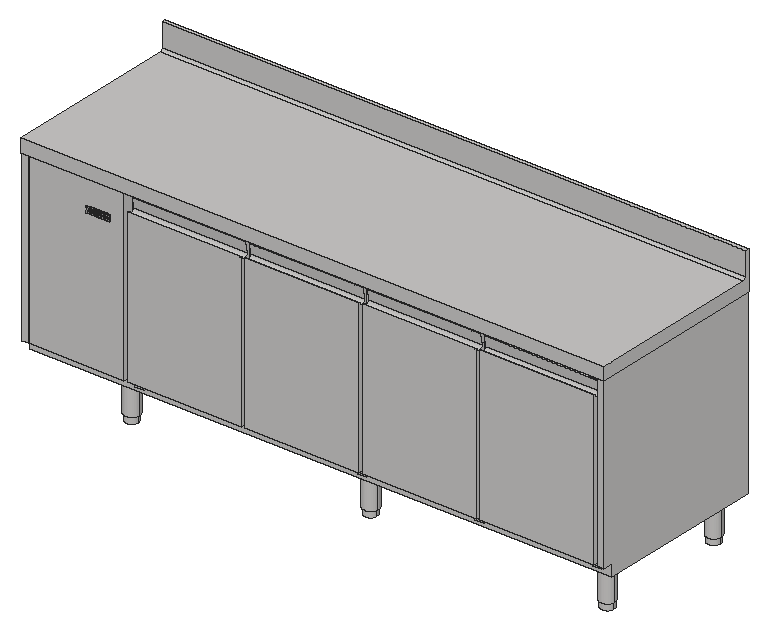
Revit family "QF_ZANUSSI_111054_ZH4H3AAAA", category Specialty Equipment, Revit 2018
Family settings
  Round Connector Dimension = Use Diameter
  Part Type = Normal
  Work Plane-Based = No
  Always vertical = Yes
  Cut with Voids When Loaded = No
  Shared = No
  Room Calculation Point = No
Parameters
  Weight = 0.00 kg
  Watts = 0.0232258 W
  Volts = 220 V
  URL Manufacturer = "http://www.zanussiprofessional.com/"
  URL = "http://www.zanussiprofessional.com/"
  Steam Supply Size = 0 mm
  Steam Supply Minimum Pressure = 0.0 Pa
  Steam Supply Maximum Pressure = 0.0 Pa
  Steam Pounds per Hour = 0
  Show Logo [instance] = yes
  Show Clearance [instance] = yes
  Refrigeration Suction Line Size = 0 mm
  Refrigeration Liquid Line Size = 0 mm
  Refrigerant Compressor Remote = yes
  Manufacturer = "Zanussi"
  Phase = 1
  Model = "ZH4H3AAAA"
  Length Actual = 2253 mm  # constant formula
  Item Number = "111054"
  Hot Water Size = 0 mm
  Height Actual = 1000 mm  # constant formula
  HP = "0.3 HP"
  Gas Size = 0 mm
  Gas KW = 0
  Gas Input Pressure = 0 W
  Description = "4 DOORS REFRIGER.TABLE 590L-SPLASHB"
  Depth Actual = 700 mm  # constant formula
  Cycle = 50 Hz
  Condensate Return Size = 0 mm
  Compressed Air Volume = 0.0 L/s
  Compressed Air Size = 0 mm
  Compressed Air Pressure = 0.0 Pa
  Cold Water Size = 0 mm
  Accessory = yes
Reference planes
  plane 1 "Center X": y = 182.5
  plane 2: z = 0
  plane 3 "Center Y": x = -580.5
  plane 4: y = -62.5
  plane 5: y = 451.5
  plane 6 "BACK": y = 532.5
  plane 7 "FRONT": y = -167.5
  plane 8: x = -1360
  plane 9: x = 478
  plane 10: z = 150
  plane 11 "TOP": z = 900
  plane 12: z = 850
  plane 13 "LEFT": x = -1705
  plane 14 "RIGHT": x = 544
  plane 15: x = -437
  plane 16: x = -1707
  plane 17: x = 546
Forms (mm)
  Extrusion 1, solid, material "QF_Finishes_Stainless Steel"
    sketch origin (-580.5, 2, 0) x (0, 1, 0) y (0, 0, 1)
      loop
        line (530.5, 150) -> (530.5, 850) -> (-124.5, 850) -> (-124.5, 150) -> (530.5, 150)
    from -1124.5 to 1124.5
  Extrusion 2, solid, material "QF_Finishes_Stainless Steel"
    sketch origin (-1022.223, -1524, 150) x (-1, 0, 0) y (0, -1, 0)
      loop
        line (682.777, -1361.5) -> (657.777, -1361.5) -> (657.777, -1401.5) -> (682.777, -1401.5) -> (682.777, -1361.5)
      loop
        line (-1566.223, -1401.5) -> (-1541.223, -1401.5) -> (-1541.223, -1361.5) -> (-1566.223, -1361.5) -> (-1566.223, -1401.5)
    from 47 to 700
  Extrusion 3, solid, material "QF_Finishes_Stainless Steel"
    sketch origin (0, 0, 900) x (-1, 0, 0) y (0, -1, 0)
      loop
        circle (-57, -94.5) r 8.45
      loop
        circle (851, -94.5) r 8.45
    from -790.577 to -750
  Extrusion 4, solid, material "QF_Finishes_Stainless Steel"
    sketch origin (0, 0, 0) x (1, 0, 0) y (0, 1, 0)
      loop
        circle (-1621, 451.5) r 4
    from 109.423 to 150
  Extrusion 5, solid, material "QF_Finishes_Stainless Steel"
    sketch origin (-126.5, 0, 0) x (0, 1, 0) y (0, 0, 1)
      loop
        line (-167.5, 900) -> (-167.5, 850) -> (532.5, 850) -> (532.5, 1000) -> (519.5, 1000) -> (519.5, 910)
        arc (519.5, 910) -> (516.571, 902.929) -> (509.5, 900) r 10
        line (509.5, 900) -> (-167.5, 900)
    from 672.5 to -1580.5
Cuts and joins
  joined: Extrusion 1, Extrusion 2
Lines and regions (mm)
  symbolic lines, style "SpecialityEquipmentHiddenLines"
    curve 1: line (-1707, -122.5, 900) -> (546, -122.5, 900)
    curve 2: line (-1304, -167.5, 900) -> (-1304, -122.5, 900)
  symbolic lines, style "SpecialityEquipment"
    curve 3: line (-1707, 532.5, 900) -> (546, 532.5, 900)
    curve 4: line (-1707, 532.5, 900) -> (-1707, -167.5, 900)
    curve 5: line (-1707, -167.5, 900) -> (546, -167.5, 900)
    curve 6: line (546, -167.5, 900) -> (546, 532.5, 900)
    curve 7: line (-1707, 519.5, 900) -> (546, 519.5, 900)
Dimensions and locks
  locked: plane 6 "BACK" to plane 7 "FRONT" at 700
  equal spacing: plane 6 "BACK", plane 1 "Center X", plane 7 "FRONT"
  locked: plane 6 "BACK" to plane 5 at 81
  plane 10 to level = 150 mm
  plane 11 "TOP" to plane 12 to plane 10 = 50 mm locked, 700 mm locked
  locked: Extrusion 2 sketch curve to Extrusion 2 sketch curve at 25  (x2)
  locked: plane 4 to plane 7 "FRONT" at 105
  locked: plane 6 "BACK" to Extrusion 3 sketch curve at 438  (x2)
  equal spacing: plane 13 "LEFT", plane 3 "Center Y", plane 14 "RIGHT"
  plane 16 to plane 17 = 2253 mm
  locked: plane 13 "LEFT" to plane 8 at 345
  plane 15 to plane 9 to plane 14 "RIGHT" = 915 mm locked, 66 mm locked
  Extrusion 3 sketch curve to Extrusion 3 sketch curve to plane 14 "RIGHT" = 908 mm locked, 487 mm locked
  plane 13 "LEFT" to Extrusion 4 sketch curve = 84 mm
  locked: plane 6 "BACK" to Extrusion 4 sketch curve at 81
  locked: plane 10 to Extrusion 4 at 40.577
  aligned and locked: level to plane 2
  aligned and locked: plane 10 to Extrusion 3
  aligned and locked: nested 4 to plane 4
  aligned and locked: nested 1 to plane 4
  aligned and locked: nested 3 to plane 5
  aligned and locked: nested 2 to plane 5
  aligned and locked: plane 8 to nested 1
  aligned and locked: plane 8 to nested 2
  aligned and locked: plane 9 to nested 4
  aligned and locked: plane 9 to nested 3
  aligned and locked: Extrusion 1 to Extrusion 2
  aligned and locked: Extrusion 2 to Extrusion 1
  aligned and locked: Extrusion 2 sketch curve to plane 14 "RIGHT"
  aligned and locked: plane 13 "LEFT" to Extrusion 2 sketch curve
  aligned and locked: cut or joined group of Extrusion 1, Extrusion 2 to plane 10
  aligned and locked: plane 12 to cut or joined group of Extrusion 1, Extrusion 2
  aligned and locked: plane 10 to Extrusion 4
  aligned and locked: plane 15 to nested 11
  aligned and locked: plane 15 to nested 12
Automatic sketch dimensions
  plane 7 "FRONT" to Extrusion 2 sketch curve = 45 mm  (x2)
  plane 7 "FRONT" to Extrusion 2 sketch curve = 5 mm  (x2)
  Extrusion 1 sketch curve to plane 10 = 0 mm
  Extrusion 1 sketch curve to plane 12 = 0 mm
  Extrusion 1 sketch curve to plane 6 "BACK" = 0 mm
  plane 7 "FRONT" to Extrusion 1 sketch curve = 45 mm
  Extrusion 5 sketch curve to plane 7 "FRONT" = 0 mm
  Extrusion 5 sketch curve to plane 11 "TOP" = 0 mm
  Extrusion 5 sketch curve to plane 6 "BACK" = 0 mm
  Extrusion 5 sketch curve to plane 12 = 0 mm
  plane 11 "TOP" to Extrusion 5 sketch curve = 10 mm
  Extrusion 5 sketch curve to plane 6 "BACK" = 23 mm
  Extrusion 5 sketch curve to Extrusion 5 sketch curve = 90 mm
  curve 7 to plane 17 = 0 mm
  curve 2 to plane 7 "FRONT" = 0 mm
  curve 5 to plane 16 = 0 mm
  curve 3 to plane 6 "BACK" = 0 mm
  plane 8 to curve 2 = 56 mm
  curve 3 to curve 7 = 13 mm
  plane 7 "FRONT" to curve 1 = 45 mm
  radius of Extrusion 3 sketch curve = 8.45 mm  (x2)
  radius of Extrusion 4 sketch curve = 4 mm
Nested families
  nested 1: "Foot_Ø50_H150" at (-1360, -62.5, 0), type "Foot_Ø50_H150"
  nested 2: "Foot_Ø50_H150" at (-1360, 451.5, 0), type "Foot_Ø50_H150"
  nested 3: "Foot_Ø50_H150" at (478, 451.5, 0), type "Foot_Ø50_H150"
  nested 4: "Foot_Ø50_H150" at (478, -62.5, 0), type "Foot_Ø50_H150"
  nested 5: "Door" at (285, -164.5, 0), Show Clearance <- "Show Clearance", type "Door"
  nested 6: "Door" at (-169, -164.5, 0), Show Clearance <- "Show Clearance", type "Door"
  nested 7: "Refrigerator" at (544, -167.5, 900), type "Refrigerator"
  nested 8: "ZAN_Cooling Unit" at (-1495.5, -164.5, 0), Show Logo <- "Show Logo", type "ZAN_Cooling Unit"
  nested 9: "Door" at (-623, -164.5, 0), Show Clearance <- "Show Clearance", type "Door"
  nested 10: "Door" at (-1077, -164.5, 0) x (-1, 0, 0) z (0, 0, 1), Show Clearance <- "Show Clearance", type "Door"
  nested 11: "Foot_Ø50_H150" at (-437, -62.5, 0), type "Foot_Ø50_H150"
  nested 12: "Foot_Ø50_H150" at (-437, 451.5, 0), type "Foot_Ø50_H150"
Connectors
  electrical at (-1621, 451.5, 109.423), driven by "Volts"
    settings: on Extrusion 4, index 4, voltage 220 V, apparent load 0 VA, apparent load phase1 0 VA, apparent load phase2 0 VA, apparent load phase3 0 VA, power factor 1, load classification "Altro", number of poles 1, system type 30, power factor state 1, is connector primary yes, connector utility no, sub classification motor no, connector description "Electrical Connection"
  piping at (57, 94.5, 109.423), diameter 17
    settings: on Extrusion 3, index 5, connector inside diameter 609.6 mm, connector length 0 mm, flow factor 0, pipe flow 0.0 L/s, pressure drop 0.0 Pa, fitting loss kfactor 0, connector angle 0.00°, fixture units 0, engagement length 0 mm, angle of deflection 0.00°, flow configuration 1, flow direction 2, fitting loss method 0, system type 16, joint type 0, gender type 0, connector reference index -1, connector utility 0, adjustable connector no, is connector primary yes, connector description "Drain"
  piping at (-851, 94.5, 109.423), diameter 17
    settings: on Extrusion 3, index 6, connector inside diameter 609.6 mm, connector length 0 mm, flow factor 0, pipe flow 0.0 L/s, pressure drop 0.0 Pa, fitting loss kfactor 0, connector angle 0.00°, fixture units 0, engagement length 0 mm, angle of deflection 0.00°, flow configuration 1, flow direction 2, fitting loss method 0, system type 16, joint type 0, gender type 0, connector reference index -1, connector utility 0, adjustable connector no, is connector primary no, connector description "Drain"
Definition of nested family "Foot_Ø50_H150"
  Reference planes
    plane 1 "Centro (Fronte/Retro)": y = 0
    plane 2: z = 0
    plane 3 "Centro (Sinistra/Destra)": x = 0
    plane 4: z = 150
  Forms (mm)
    Revolve 1, solid
      sketch origin (255.05, 0, 608.09) x (0, 0, 1) y (-1, 0, 0)
        loop
          line (-608.09, 255.05) -> (-608.09, 230.05) -> (-583.09, 230.05) -> (-583.09, 226.05) -> (-458.09, 226.05) -> (-458.09, 255.05) -> (-608.09, 255.05)
        axis (-608.09, 255.05) -> (-458.09, 255.05)
      angle from 0 to 360
  Dimensions and locks
    locked: Revolve 1 sketch curve to Revolve 1 sketch curve at 125
    aligned and locked: level to plane 2
    aligned and locked: plane 4 to Revolve 1 sketch curve
    aligned and locked: Revolve 1 sketch curve to level
    aligned and locked: plane 3 "Centro (Sinistra/Destra)" to Revolve 1 sketch curve
Definition of nested family "Door"
  Parameters
    Show Clearance [instance] = yes
  Reference planes
    plane 1 "FRONT": y = -3
    plane 2: z = 0
    plane 3 "Centro (Sinistra/Destra)": x = 0
    plane 4: z = 150
    plane 5: z = 850
    plane 6: x = -234
    plane 7: x = 234
    plane 8: x = -220
    plane 9: x = 220
  Forms (mm)
    Extrusion 1, solid
      sketch origin (0, 53, 511) x (0, 0, 1) y (0, -1, 0)
        loop
          line (-323.003, 28.5) -> (-316.501, 28.5) -> (-316.501, 31) -> (-325.503, 31) -> (-325.503, 13.5) -> (-345.503, 13.5) -> (-345.503, 11) -> (-323.003, 11) -> (-323.003, 23.259) -> (-323.003, 28.5)
        loop
          line (-314, 27) -> (-316.501, 27) -> (-316.501, 18.501) -> (-319.752, 18.501) -> (-319.752, 16) -> (-314, 16) -> (-314, 27)
        loop
          line (315.003, 27) -> (315.003, 13.948) -> (315.003, 11) -> (327.503, 11) -> (327.503, 13.5) -> (317.503, 13.5) -> (317.503, 27) -> (315.003, 27)
      from 185 to 220
    Extrusion 2, solid, visible <- "Show Clearance", detail levels coarse
      sketch origin (0, 53, 511) x (0, -1, 0) y (1, 0, 0)
        loop
          line (51, 220) -> (51, -220)
          arc (51, -220) -> (339.234, -79.44) -> (454, 220) r 437.168
          line (454, 220) -> (51, 220)
      from -314 to 314
    Extrusion 3, solid
      sketch origin (0, 55, 511) x (0, 0, 1) y (0, -1, 0)
        loop
          line (314, 18) -> (314, 29) -> (274.395, 22.5)
          arc (274.395, 22.5) -> (260.395, 36.5) -> (274.395, 50.5) r 14
          line (274.395, 50.5) -> (274.395, 53) -> (-314, 53) -> (-314, 18) -> (314, 18)
      from -220 to 220
  Lines and regions (mm)
    symbolic lines
      curve 1: line (220, -3, 0) -> (220, -401, 0)
      curve 2: line (220, -401, 0) -> (185, -401, 0)
      curve 3: line (185, -401, 0) -> (185, -3, 0)
      curve 4: arc (-219.722, -3, 0) -> (-89.51, -275.368, 0) -> (185, -401, 0) r 442.855
  Dimensions and locks
    aligned and locked: level to plane 2
Definition of nested family "ZAN_Cooling Unit"
  Parameters
    Show Logo [instance] = yes
  Reference planes
    plane 1 "FRONT": y = -3
    plane 2: z = 0
    plane 3 "Centro (Sinistra/Destra)": x = 0
    plane 4: z = 150
    plane 5: z = 850
    plane 6: x = -184.5
    plane 7: x = 184.5
  Forms (mm)
    Extrusion 1, solid
      sketch origin (0, 55, 511) x (0, 0, 1) y (0, -1, 0)
        loop
          line (-314, 53) -> (-314, 13) -> (339, 13) -> (339, 53) -> (-314, 53)
      from -184.5 to 184.5
  Lines and regions (mm)
    Split face 1
      outline origin (0, 2, 197) x (0, 0, 1) y (-1, 0, 0)
        loop
          line (566.835, 184.5) -> (566.835, -184.5)
        loop
          line (521.835, 184.5) -> (521.835, -184.5)
    Split face 2
      outline origin (0, 2, 197) x (0, 0, 1) y (-1, 0, 0)
        loop
          arc (510.649, 158.547) -> (506.648, 162.548) -> (502.647, 158.547) r 4.001
          line (502.647, 158.547) -> (502.647, 116.535)
          arc (502.647, 116.535) -> (506.648, 112.533) -> (510.649, 116.535) r 4.001
          line (510.649, 116.535) -> (510.649, 158.547)
    Split face 3
      outline origin (0, 2, 184.996) x (0, 0, 1) y (-1, 0, 0)
        loop
          arc (510.649, 158.547) -> (506.648, 162.548) -> (502.647, 158.547) r 4.001
          line (502.647, 158.547) -> (502.647, 116.535)
          arc (502.647, 116.535) -> (506.648, 112.533) -> (510.649, 116.535) r 4.001
          line (510.649, 116.535) -> (510.649, 158.547)
    Split face 4
      outline origin (0, 2, 172.993) x (0, 0, 1) y (-1, 0, 0)
        loop
          arc (510.649, 158.547) -> (506.648, 162.548) -> (502.647, 158.547) r 4.001
          line (502.647, 158.547) -> (502.647, 116.535)
          arc (502.647, 116.535) -> (506.648, 112.533) -> (510.649, 116.535) r 4.001
          line (510.649, 116.535) -> (510.649, 158.547)
    Split face 5
      outline origin (0, 2, 160.989) x (0, 0, 1) y (-1, 0, 0)
        loop
          arc (510.649, 158.547) -> (506.648, 162.548) -> (502.647, 158.547) r 4.001
          line (502.647, 158.547) -> (502.647, 116.535)
          arc (502.647, 116.535) -> (506.648, 112.533) -> (510.649, 116.535) r 4.001
          line (510.649, 116.535) -> (510.649, 158.547)
    Split face 6
      outline origin (0, 2, 148.986) x (0, 0, 1) y (-1, 0, 0)
        loop
          arc (510.649, 158.547) -> (506.648, 162.548) -> (502.647, 158.547) r 4.001
          line (502.647, 158.547) -> (502.647, 116.535)
          arc (502.647, 116.535) -> (506.648, 112.533) -> (510.649, 116.535) r 4.001
          line (510.649, 116.535) -> (510.649, 158.547)
    Split face 7
      outline origin (0, 2, 136.982) x (0, 0, 1) y (-1, 0, 0)
        loop
          arc (510.649, 158.547) -> (506.648, 162.548) -> (502.647, 158.547) r 4.001
          line (502.647, 158.547) -> (502.647, 116.535)
          arc (502.647, 116.535) -> (506.648, 112.533) -> (510.649, 116.535) r 4.001
          line (510.649, 116.535) -> (510.649, 158.547)
    Split face 8
      outline origin (0, 2, 124.979) x (0, 0, 1) y (-1, 0, 0)
        loop
          arc (510.649, 158.547) -> (506.648, 162.548) -> (502.647, 158.547) r 4.001
          line (502.647, 158.547) -> (502.647, 116.535)
          arc (502.647, 116.535) -> (506.648, 112.533) -> (510.649, 116.535) r 4.001
          line (510.649, 116.535) -> (510.649, 158.547)
    Split face 9
      outline origin (0, 2, 112.975) x (0, 0, 1) y (-1, 0, 0)
        loop
          arc (510.649, 158.547) -> (506.648, 162.548) -> (502.647, 158.547) r 4.001
          line (502.647, 158.547) -> (502.647, 116.535)
          arc (502.647, 116.535) -> (506.648, 112.533) -> (510.649, 116.535) r 4.001
          line (510.649, 116.535) -> (510.649, 158.547)
    Split face 10
      outline origin (0, 2, 100.972) x (0, 0, 1) y (-1, 0, 0)
        loop
          arc (510.649, 158.547) -> (506.648, 162.548) -> (502.647, 158.547) r 4.001
          line (502.647, 158.547) -> (502.647, 116.535)
          arc (502.647, 116.535) -> (506.648, 112.533) -> (510.649, 116.535) r 4.001
          line (510.649, 116.535) -> (510.649, 158.547)
    Split face 11
      outline origin (0, 2, 88.968) x (0, 0, 1) y (-1, 0, 0)
        loop
          arc (510.649, 158.547) -> (506.648, 162.548) -> (502.647, 158.547) r 4.001
          line (502.647, 158.547) -> (502.647, 116.535)
          arc (502.647, 116.535) -> (506.648, 112.533) -> (510.649, 116.535) r 4.001
          line (510.649, 116.535) -> (510.649, 158.547)
    Split face 12
      outline origin (0, 2, 76.965) x (0, 0, 1) y (-1, 0, 0)
        loop
          arc (510.649, 158.547) -> (506.648, 162.548) -> (502.647, 158.547) r 4.001
          line (502.647, 158.547) -> (502.647, 116.535)
          arc (502.647, 116.535) -> (506.648, 112.533) -> (510.649, 116.535) r 4.001
          line (510.649, 116.535) -> (510.649, 158.547)
    Split face 13
      outline origin (0, 2, 64.961) x (0, 0, 1) y (-1, 0, 0)
        loop
          arc (510.649, 158.547) -> (506.648, 162.548) -> (502.647, 158.547) r 4.001
          line (502.647, 158.547) -> (502.647, 116.535)
          arc (502.647, 116.535) -> (506.648, 112.533) -> (510.649, 116.535) r 4.001
          line (510.649, 116.535) -> (510.649, 158.547)
    Split face 14
      outline origin (0, 2, 52.958) x (0, 0, 1) y (-1, 0, 0)
        loop
          arc (510.649, 158.547) -> (506.648, 162.548) -> (502.647, 158.547) r 4.001
          line (502.647, 158.547) -> (502.647, 116.535)
          arc (502.647, 116.535) -> (506.648, 112.533) -> (510.649, 116.535) r 4.001
          line (510.649, 116.535) -> (510.649, 158.547)
    Split face 15
      outline origin (0, 2, 40.954) x (0, 0, 1) y (-1, 0, 0)
        loop
          arc (510.649, 158.547) -> (506.648, 162.548) -> (502.647, 158.547) r 4.001
          line (502.647, 158.547) -> (502.647, 116.535)
          arc (502.647, 116.535) -> (506.648, 112.533) -> (510.649, 116.535) r 4.001
          line (510.649, 116.535) -> (510.649, 158.547)
    Split face 16
      outline origin (0, 2, 28.951) x (0, 0, 1) y (-1, 0, 0)
        loop
          arc (510.649, 158.547) -> (506.648, 162.548) -> (502.647, 158.547) r 4.001
          line (502.647, 158.547) -> (502.647, 116.535)
          arc (502.647, 116.535) -> (506.648, 112.533) -> (510.649, 116.535) r 4.001
          line (510.649, 116.535) -> (510.649, 158.547)
    Split face 17
      outline origin (0, 2, 16.947) x (0, 0, 1) y (-1, 0, 0)
        loop
          arc (510.649, 158.547) -> (506.648, 162.548) -> (502.647, 158.547) r 4.001
          line (502.647, 158.547) -> (502.647, 116.535)
          arc (502.647, 116.535) -> (506.648, 112.533) -> (510.649, 116.535) r 4.001
          line (510.649, 116.535) -> (510.649, 158.547)
    Split face 18
      outline origin (55.016, 2, 197) x (0, 0, 1) y (-1, 0, 0)
        loop
          arc (510.649, 158.547) -> (506.648, 162.548) -> (502.647, 158.547) r 4.001
          line (502.647, 158.547) -> (502.647, 116.535)
          arc (502.647, 116.535) -> (506.648, 112.533) -> (510.649, 116.535) r 4.001
          line (510.649, 116.535) -> (510.649, 158.547)
    Split face 19
      outline origin (55.016, 2, 184.996) x (0, 0, 1) y (-1, 0, 0)
        loop
          arc (510.649, 158.547) -> (506.648, 162.548) -> (502.647, 158.547) r 4.001
          line (502.647, 158.547) -> (502.647, 116.535)
          arc (502.647, 116.535) -> (506.648, 112.533) -> (510.649, 116.535) r 4.001
          line (510.649, 116.535) -> (510.649, 158.547)
    Split face 20
      outline origin (55.016, 2, 172.993) x (0, 0, 1) y (-1, 0, 0)
        loop
          arc (510.649, 158.547) -> (506.648, 162.548) -> (502.647, 158.547) r 4.001
          line (502.647, 158.547) -> (502.647, 116.535)
          arc (502.647, 116.535) -> (506.648, 112.533) -> (510.649, 116.535) r 4.001
          line (510.649, 116.535) -> (510.649, 158.547)
    Split face 21
      outline origin (55.016, 2, 160.989) x (0, 0, 1) y (-1, 0, 0)
        loop
          arc (510.649, 158.547) -> (506.648, 162.548) -> (502.647, 158.547) r 4.001
          line (502.647, 158.547) -> (502.647, 116.535)
          arc (502.647, 116.535) -> (506.648, 112.533) -> (510.649, 116.535) r 4.001
          line (510.649, 116.535) -> (510.649, 158.547)
    Split face 22
      outline origin (55.016, 2, 148.986) x (0, 0, 1) y (-1, 0, 0)
        loop
          arc (510.649, 158.547) -> (506.648, 162.548) -> (502.647, 158.547) r 4.001
          line (502.647, 158.547) -> (502.647, 116.535)
          arc (502.647, 116.535) -> (506.648, 112.533) -> (510.649, 116.535) r 4.001
          line (510.649, 116.535) -> (510.649, 158.547)
    Split face 23
      outline origin (55.016, 2, 136.982) x (0, 0, 1) y (-1, 0, 0)
        loop
          arc (510.649, 158.547) -> (506.648, 162.548) -> (502.647, 158.547) r 4.001
          line (502.647, 158.547) -> (502.647, 116.535)
          arc (502.647, 116.535) -> (506.648, 112.533) -> (510.649, 116.535) r 4.001
          line (510.649, 116.535) -> (510.649, 158.547)
    Split face 24
      outline origin (55.016, 2, 124.979) x (0, 0, 1) y (-1, 0, 0)
        loop
          arc (510.649, 158.547) -> (506.648, 162.548) -> (502.647, 158.547) r 4.001
          line (502.647, 158.547) -> (502.647, 116.535)
          arc (502.647, 116.535) -> (506.648, 112.533) -> (510.649, 116.535) r 4.001
          line (510.649, 116.535) -> (510.649, 158.547)
    Split face 25
      outline origin (55.016, 2, 112.975) x (0, 0, 1) y (-1, 0, 0)
        loop
          arc (510.649, 158.547) -> (506.648, 162.548) -> (502.647, 158.547) r 4.001
          line (502.647, 158.547) -> (502.647, 116.535)
          arc (502.647, 116.535) -> (506.648, 112.533) -> (510.649, 116.535) r 4.001
          line (510.649, 116.535) -> (510.649, 158.547)
    Split face 26
      outline origin (55.016, 2, 100.972) x (0, 0, 1) y (-1, 0, 0)
        loop
          arc (510.649, 158.547) -> (506.648, 162.548) -> (502.647, 158.547) r 4.001
          line (502.647, 158.547) -> (502.647, 116.535)
          arc (502.647, 116.535) -> (506.648, 112.533) -> (510.649, 116.535) r 4.001
          line (510.649, 116.535) -> (510.649, 158.547)
    Split face 27
      outline origin (55.016, 2, 88.968) x (0, 0, 1) y (-1, 0, 0)
        loop
          arc (510.649, 158.547) -> (506.648, 162.548) -> (502.647, 158.547) r 4.001
          line (502.647, 158.547) -> (502.647, 116.535)
          arc (502.647, 116.535) -> (506.648, 112.533) -> (510.649, 116.535) r 4.001
          line (510.649, 116.535) -> (510.649, 158.547)
    Split face 28
      outline origin (55.016, 2, 76.965) x (0, 0, 1) y (-1, 0, 0)
        loop
          arc (510.649, 158.547) -> (506.648, 162.548) -> (502.647, 158.547) r 4.001
          line (502.647, 158.547) -> (502.647, 116.535)
          arc (502.647, 116.535) -> (506.648, 112.533) -> (510.649, 116.535) r 4.001
          line (510.649, 116.535) -> (510.649, 158.547)
    Split face 29
      outline origin (55.016, 2, 64.961) x (0, 0, 1) y (-1, 0, 0)
        loop
          arc (510.649, 158.547) -> (506.648, 162.548) -> (502.647, 158.547) r 4.001
          line (502.647, 158.547) -> (502.647, 116.535)
          arc (502.647, 116.535) -> (506.648, 112.533) -> (510.649, 116.535) r 4.001
          line (510.649, 116.535) -> (510.649, 158.547)
    Split face 30
      outline origin (55.016, 2, 52.958) x (0, 0, 1) y (-1, 0, 0)
        loop
          arc (510.649, 158.547) -> (506.648, 162.548) -> (502.647, 158.547) r 4.001
          line (502.647, 158.547) -> (502.647, 116.535)
          arc (502.647, 116.535) -> (506.648, 112.533) -> (510.649, 116.535) r 4.001
          line (510.649, 116.535) -> (510.649, 158.547)
    Split face 31
      outline origin (55.016, 2, 40.954) x (0, 0, 1) y (-1, 0, 0)
        loop
          arc (510.649, 158.547) -> (506.648, 162.548) -> (502.647, 158.547) r 4.001
          line (502.647, 158.547) -> (502.647, 116.535)
          arc (502.647, 116.535) -> (506.648, 112.533) -> (510.649, 116.535) r 4.001
          line (510.649, 116.535) -> (510.649, 158.547)
    Split face 32
      outline origin (55.016, 2, 28.951) x (0, 0, 1) y (-1, 0, 0)
        loop
          arc (510.649, 158.547) -> (506.648, 162.548) -> (502.647, 158.547) r 4.001
          line (502.647, 158.547) -> (502.647, 116.535)
          arc (502.647, 116.535) -> (506.648, 112.533) -> (510.649, 116.535) r 4.001
          line (510.649, 116.535) -> (510.649, 158.547)
    Split face 33
      outline origin (55.016, 2, 16.947) x (0, 0, 1) y (-1, 0, 0)
        loop
          arc (510.649, 158.547) -> (506.648, 162.548) -> (502.647, 158.547) r 4.001
          line (502.647, 158.547) -> (502.647, 116.535)
          arc (502.647, 116.535) -> (506.648, 112.533) -> (510.649, 116.535) r 4.001
          line (510.649, 116.535) -> (510.649, 158.547)
    Split face 34
      outline origin (110.032, 2, 197) x (0, 0, 1) y (-1, 0, 0)
        loop
          arc (510.649, 158.547) -> (506.648, 162.548) -> (502.647, 158.547) r 4.001
          line (502.647, 158.547) -> (502.647, 116.535)
          arc (502.647, 116.535) -> (506.648, 112.533) -> (510.649, 116.535) r 4.001
          line (510.649, 116.535) -> (510.649, 158.547)
    Split face 35
      outline origin (110.032, 2, 184.996) x (0, 0, 1) y (-1, 0, 0)
        loop
          arc (510.649, 158.547) -> (506.648, 162.548) -> (502.647, 158.547) r 4.001
          line (502.647, 158.547) -> (502.647, 116.535)
          arc (502.647, 116.535) -> (506.648, 112.533) -> (510.649, 116.535) r 4.001
          line (510.649, 116.535) -> (510.649, 158.547)
    Split face 36
      outline origin (110.032, 2, 172.993) x (0, 0, 1) y (-1, 0, 0)
        loop
          arc (510.649, 158.547) -> (506.648, 162.548) -> (502.647, 158.547) r 4.001
          line (502.647, 158.547) -> (502.647, 116.535)
          arc (502.647, 116.535) -> (506.648, 112.533) -> (510.649, 116.535) r 4.001
          line (510.649, 116.535) -> (510.649, 158.547)
    Split face 37
      outline origin (110.032, 2, 160.989) x (0, 0, 1) y (-1, 0, 0)
        loop
          arc (510.649, 158.547) -> (506.648, 162.548) -> (502.647, 158.547) r 4.001
          line (502.647, 158.547) -> (502.647, 116.535)
          arc (502.647, 116.535) -> (506.648, 112.533) -> (510.649, 116.535) r 4.001
          line (510.649, 116.535) -> (510.649, 158.547)
    Split face 38
      outline origin (110.032, 2, 148.986) x (0, 0, 1) y (-1, 0, 0)
        loop
          arc (510.649, 158.547) -> (506.648, 162.548) -> (502.647, 158.547) r 4.001
          line (502.647, 158.547) -> (502.647, 116.535)
          arc (502.647, 116.535) -> (506.648, 112.533) -> (510.649, 116.535) r 4.001
          line (510.649, 116.535) -> (510.649, 158.547)
    Split face 39
      outline origin (110.032, 2, 136.982) x (0, 0, 1) y (-1, 0, 0)
        loop
          arc (510.649, 158.547) -> (506.648, 162.548) -> (502.647, 158.547) r 4.001
          line (502.647, 158.547) -> (502.647, 116.535)
          arc (502.647, 116.535) -> (506.648, 112.533) -> (510.649, 116.535) r 4.001
          line (510.649, 116.535) -> (510.649, 158.547)
    Split face 40
      outline origin (110.032, 2, 124.979) x (0, 0, 1) y (-1, 0, 0)
        loop
          arc (510.649, 158.547) -> (506.648, 162.548) -> (502.647, 158.547) r 4.001
          line (502.647, 158.547) -> (502.647, 116.535)
          arc (502.647, 116.535) -> (506.648, 112.533) -> (510.649, 116.535) r 4.001
          line (510.649, 116.535) -> (510.649, 158.547)
    Split face 41
      outline origin (110.032, 2, 112.975) x (0, 0, 1) y (-1, 0, 0)
        loop
          arc (510.649, 158.547) -> (506.648, 162.548) -> (502.647, 158.547) r 4.001
          line (502.647, 158.547) -> (502.647, 116.535)
          arc (502.647, 116.535) -> (506.648, 112.533) -> (510.649, 116.535) r 4.001
          line (510.649, 116.535) -> (510.649, 158.547)
    Split face 42
      outline origin (110.032, 2, 100.972) x (0, 0, 1) y (-1, 0, 0)
        loop
          arc (510.649, 158.547) -> (506.648, 162.548) -> (502.647, 158.547) r 4.001
          line (502.647, 158.547) -> (502.647, 116.535)
          arc (502.647, 116.535) -> (506.648, 112.533) -> (510.649, 116.535) r 4.001
          line (510.649, 116.535) -> (510.649, 158.547)
    Split face 43
      outline origin (110.032, 2, 88.968) x (0, 0, 1) y (-1, 0, 0)
        loop
          arc (510.649, 158.547) -> (506.648, 162.548) -> (502.647, 158.547) r 4.001
          line (502.647, 158.547) -> (502.647, 116.535)
          arc (502.647, 116.535) -> (506.648, 112.533) -> (510.649, 116.535) r 4.001
          line (510.649, 116.535) -> (510.649, 158.547)
    Split face 44
      outline origin (110.032, 2, 76.965) x (0, 0, 1) y (-1, 0, 0)
        loop
          arc (510.649, 158.547) -> (506.648, 162.548) -> (502.647, 158.547) r 4.001
          line (502.647, 158.547) -> (502.647, 116.535)
          arc (502.647, 116.535) -> (506.648, 112.533) -> (510.649, 116.535) r 4.001
          line (510.649, 116.535) -> (510.649, 158.547)
    Split face 45
      outline origin (110.032, 2, 64.961) x (0, 0, 1) y (-1, 0, 0)
        loop
          arc (510.649, 158.547) -> (506.648, 162.548) -> (502.647, 158.547) r 4.001
          line (502.647, 158.547) -> (502.647, 116.535)
          arc (502.647, 116.535) -> (506.648, 112.533) -> (510.649, 116.535) r 4.001
          line (510.649, 116.535) -> (510.649, 158.547)
    Split face 46
      outline origin (110.032, 2, 52.958) x (0, 0, 1) y (-1, 0, 0)
        loop
          arc (510.649, 158.547) -> (506.648, 162.548) -> (502.647, 158.547) r 4.001
          line (502.647, 158.547) -> (502.647, 116.535)
          arc (502.647, 116.535) -> (506.648, 112.533) -> (510.649, 116.535) r 4.001
          line (510.649, 116.535) -> (510.649, 158.547)
    Split face 47
      outline origin (110.032, 2, 40.954) x (0, 0, 1) y (-1, 0, 0)
        loop
          arc (510.649, 158.547) -> (506.648, 162.548) -> (502.647, 158.547) r 4.001
          line (502.647, 158.547) -> (502.647, 116.535)
          arc (502.647, 116.535) -> (506.648, 112.533) -> (510.649, 116.535) r 4.001
          line (510.649, 116.535) -> (510.649, 158.547)
    Split face 48
      outline origin (110.032, 2, 28.951) x (0, 0, 1) y (-1, 0, 0)
        loop
          arc (510.649, 158.547) -> (506.648, 162.548) -> (502.647, 158.547) r 4.001
          line (502.647, 158.547) -> (502.647, 116.535)
          arc (502.647, 116.535) -> (506.648, 112.533) -> (510.649, 116.535) r 4.001
          line (510.649, 116.535) -> (510.649, 158.547)
    Split face 49
      outline origin (110.032, 2, 16.947) x (0, 0, 1) y (-1, 0, 0)
        loop
          arc (510.649, 158.547) -> (506.648, 162.548) -> (502.647, 158.547) r 4.001
          line (502.647, 158.547) -> (502.647, 116.535)
          arc (502.647, 116.535) -> (506.648, 112.533) -> (510.649, 116.535) r 4.001
          line (510.649, 116.535) -> (510.649, 158.547)
    Split face 50
      outline origin (165.048, 2, 197) x (0, 0, 1) y (-1, 0, 0)
        loop
          arc (510.649, 158.547) -> (506.648, 162.548) -> (502.647, 158.547) r 4.001
          line (502.647, 158.547) -> (502.647, 116.535)
          arc (502.647, 116.535) -> (506.648, 112.533) -> (510.649, 116.535) r 4.001
          line (510.649, 116.535) -> (510.649, 158.547)
    Split face 51
      outline origin (165.048, 2, 184.996) x (0, 0, 1) y (-1, 0, 0)
        loop
          arc (510.649, 158.547) -> (506.648, 162.548) -> (502.647, 158.547) r 4.001
          line (502.647, 158.547) -> (502.647, 116.535)
          arc (502.647, 116.535) -> (506.648, 112.533) -> (510.649, 116.535) r 4.001
          line (510.649, 116.535) -> (510.649, 158.547)
    Split face 52
      outline origin (165.048, 2, 172.993) x (0, 0, 1) y (-1, 0, 0)
        loop
          arc (510.649, 158.547) -> (506.648, 162.548) -> (502.647, 158.547) r 4.001
          line (502.647, 158.547) -> (502.647, 116.535)
          arc (502.647, 116.535) -> (506.648, 112.533) -> (510.649, 116.535) r 4.001
          line (510.649, 116.535) -> (510.649, 158.547)
    Split face 53
      outline origin (165.048, 2, 160.989) x (0, 0, 1) y (-1, 0, 0)
        loop
          arc (510.649, 158.547) -> (506.648, 162.548) -> (502.647, 158.547) r 4.001
          line (502.647, 158.547) -> (502.647, 116.535)
          arc (502.647, 116.535) -> (506.648, 112.533) -> (510.649, 116.535) r 4.001
          line (510.649, 116.535) -> (510.649, 158.547)
    Split face 54
      outline origin (165.048, 2, 148.986) x (0, 0, 1) y (-1, 0, 0)
        loop
          arc (510.649, 158.547) -> (506.648, 162.548) -> (502.647, 158.547) r 4.001
          line (502.647, 158.547) -> (502.647, 116.535)
          arc (502.647, 116.535) -> (506.648, 112.533) -> (510.649, 116.535) r 4.001
          line (510.649, 116.535) -> (510.649, 158.547)
    Split face 55
      outline origin (165.048, 2, 136.982) x (0, 0, 1) y (-1, 0, 0)
        loop
          arc (510.649, 158.547) -> (506.648, 162.548) -> (502.647, 158.547) r 4.001
          line (502.647, 158.547) -> (502.647, 116.535)
          arc (502.647, 116.535) -> (506.648, 112.533) -> (510.649, 116.535) r 4.001
          line (510.649, 116.535) -> (510.649, 158.547)
    Split face 56
      outline origin (165.048, 2, 124.979) x (0, 0, 1) y (-1, 0, 0)
        loop
          arc (510.649, 158.547) -> (506.648, 162.548) -> (502.647, 158.547) r 4.001
          line (502.647, 158.547) -> (502.647, 116.535)
          arc (502.647, 116.535) -> (506.648, 112.533) -> (510.649, 116.535) r 4.001
          line (510.649, 116.535) -> (510.649, 158.547)
    Split face 57
      outline origin (165.048, 2, 112.975) x (0, 0, 1) y (-1, 0, 0)
        loop
          arc (510.649, 158.547) -> (506.648, 162.548) -> (502.647, 158.547) r 4.001
          line (502.647, 158.547) -> (502.647, 116.535)
          arc (502.647, 116.535) -> (506.648, 112.533) -> (510.649, 116.535) r 4.001
          line (510.649, 116.535) -> (510.649, 158.547)
    Split face 58
      outline origin (165.048, 2, 100.972) x (0, 0, 1) y (-1, 0, 0)
        loop
          arc (510.649, 158.547) -> (506.648, 162.548) -> (502.647, 158.547) r 4.001
          line (502.647, 158.547) -> (502.647, 116.535)
          arc (502.647, 116.535) -> (506.648, 112.533) -> (510.649, 116.535) r 4.001
          line (510.649, 116.535) -> (510.649, 158.547)
    Split face 59
      outline origin (165.048, 2, 88.968) x (0, 0, 1) y (-1, 0, 0)
        loop
          arc (510.649, 158.547) -> (506.648, 162.548) -> (502.647, 158.547) r 4.001
          line (502.647, 158.547) -> (502.647, 116.535)
          arc (502.647, 116.535) -> (506.648, 112.533) -> (510.649, 116.535) r 4.001
          line (510.649, 116.535) -> (510.649, 158.547)
    Split face 60
      outline origin (165.048, 2, 76.965) x (0, 0, 1) y (-1, 0, 0)
        loop
          arc (510.649, 158.547) -> (506.648, 162.548) -> (502.647, 158.547) r 4.001
          line (502.647, 158.547) -> (502.647, 116.535)
          arc (502.647, 116.535) -> (506.648, 112.533) -> (510.649, 116.535) r 4.001
          line (510.649, 116.535) -> (510.649, 158.547)
    Split face 61
      outline origin (165.048, 2, 64.961) x (0, 0, 1) y (-1, 0, 0)
        loop
          arc (510.649, 158.547) -> (506.648, 162.548) -> (502.647, 158.547) r 4.001
          line (502.647, 158.547) -> (502.647, 116.535)
          arc (502.647, 116.535) -> (506.648, 112.533) -> (510.649, 116.535) r 4.001
          line (510.649, 116.535) -> (510.649, 158.547)
    Split face 62
      outline origin (165.048, 2, 52.958) x (0, 0, 1) y (-1, 0, 0)
        loop
          arc (510.649, 158.547) -> (506.648, 162.548) -> (502.647, 158.547) r 4.001
          line (502.647, 158.547) -> (502.647, 116.535)
          arc (502.647, 116.535) -> (506.648, 112.533) -> (510.649, 116.535) r 4.001
          line (510.649, 116.535) -> (510.649, 158.547)
    Split face 63
      outline origin (165.048, 2, 40.954) x (0, 0, 1) y (-1, 0, 0)
        loop
          arc (510.649, 158.547) -> (506.648, 162.548) -> (502.647, 158.547) r 4.001
          line (502.647, 158.547) -> (502.647, 116.535)
          arc (502.647, 116.535) -> (506.648, 112.533) -> (510.649, 116.535) r 4.001
          line (510.649, 116.535) -> (510.649, 158.547)
    Split face 64
      outline origin (165.048, 2, 28.951) x (0, 0, 1) y (-1, 0, 0)
        loop
          arc (510.649, 158.547) -> (506.648, 162.548) -> (502.647, 158.547) r 4.001
          line (502.647, 158.547) -> (502.647, 116.535)
          arc (502.647, 116.535) -> (506.648, 112.533) -> (510.649, 116.535) r 4.001
          line (510.649, 116.535) -> (510.649, 158.547)
    Split face 65
      outline origin (165.048, 2, 16.947) x (0, 0, 1) y (-1, 0, 0)
        loop
          arc (510.649, 158.547) -> (506.648, 162.548) -> (502.647, 158.547) r 4.001
          line (502.647, 158.547) -> (502.647, 116.535)
          arc (502.647, 116.535) -> (506.648, 112.533) -> (510.649, 116.535) r 4.001
          line (510.649, 116.535) -> (510.649, 158.547)
    Split face 66
      outline origin (220.064, 2, 197) x (0, 0, 1) y (-1, 0, 0)
        loop
          arc (510.649, 158.547) -> (506.648, 162.548) -> (502.647, 158.547) r 4.001
          line (502.647, 158.547) -> (502.647, 116.535)
          arc (502.647, 116.535) -> (506.648, 112.533) -> (510.649, 116.535) r 4.001
          line (510.649, 116.535) -> (510.649, 158.547)
    Split face 67
      outline origin (220.064, 2, 184.996) x (0, 0, 1) y (-1, 0, 0)
        loop
          arc (510.649, 158.547) -> (506.648, 162.548) -> (502.647, 158.547) r 4.001
          line (502.647, 158.547) -> (502.647, 116.535)
          arc (502.647, 116.535) -> (506.648, 112.533) -> (510.649, 116.535) r 4.001
          line (510.649, 116.535) -> (510.649, 158.547)
    Split face 68
      outline origin (220.064, 2, 172.993) x (0, 0, 1) y (-1, 0, 0)
        loop
          arc (510.649, 158.547) -> (506.648, 162.548) -> (502.647, 158.547) r 4.001
          line (502.647, 158.547) -> (502.647, 116.535)
          arc (502.647, 116.535) -> (506.648, 112.533) -> (510.649, 116.535) r 4.001
          line (510.649, 116.535) -> (510.649, 158.547)
    Split face 69
      outline origin (220.064, 2, 160.989) x (0, 0, 1) y (-1, 0, 0)
        loop
          arc (510.649, 158.547) -> (506.648, 162.548) -> (502.647, 158.547) r 4.001
          line (502.647, 158.547) -> (502.647, 116.535)
          arc (502.647, 116.535) -> (506.648, 112.533) -> (510.649, 116.535) r 4.001
          line (510.649, 116.535) -> (510.649, 158.547)
    Split face 70
      outline origin (220.064, 2, 148.986) x (0, 0, 1) y (-1, 0, 0)
        loop
          arc (510.649, 158.547) -> (506.648, 162.548) -> (502.647, 158.547) r 4.001
          line (502.647, 158.547) -> (502.647, 116.535)
          arc (502.647, 116.535) -> (506.648, 112.533) -> (510.649, 116.535) r 4.001
          line (510.649, 116.535) -> (510.649, 158.547)
    Split face 71
      outline origin (220.064, 2, 136.982) x (0, 0, 1) y (-1, 0, 0)
        loop
          arc (510.649, 158.547) -> (506.648, 162.548) -> (502.647, 158.547) r 4.001
          line (502.647, 158.547) -> (502.647, 116.535)
          arc (502.647, 116.535) -> (506.648, 112.533) -> (510.649, 116.535) r 4.001
          line (510.649, 116.535) -> (510.649, 158.547)
    Split face 72
      outline origin (220.064, 2, 124.979) x (0, 0, 1) y (-1, 0, 0)
        loop
          arc (510.649, 158.547) -> (506.648, 162.548) -> (502.647, 158.547) r 4.001
          line (502.647, 158.547) -> (502.647, 116.535)
          arc (502.647, 116.535) -> (506.648, 112.533) -> (510.649, 116.535) r 4.001
          line (510.649, 116.535) -> (510.649, 158.547)
    Split face 73
      outline origin (220.064, 2, 112.975) x (0, 0, 1) y (-1, 0, 0)
        loop
          arc (510.649, 158.547) -> (506.648, 162.548) -> (502.647, 158.547) r 4.001
          line (502.647, 158.547) -> (502.647, 116.535)
          arc (502.647, 116.535) -> (506.648, 112.533) -> (510.649, 116.535) r 4.001
          line (510.649, 116.535) -> (510.649, 158.547)
    Split face 74
      outline origin (220.064, 2, 100.972) x (0, 0, 1) y (-1, 0, 0)
        loop
          arc (510.649, 158.547) -> (506.648, 162.548) -> (502.647, 158.547) r 4.001
          line (502.647, 158.547) -> (502.647, 116.535)
          arc (502.647, 116.535) -> (506.648, 112.533) -> (510.649, 116.535) r 4.001
          line (510.649, 116.535) -> (510.649, 158.547)
    Split face 75
      outline origin (220.064, 2, 88.968) x (0, 0, 1) y (-1, 0, 0)
        loop
          arc (510.649, 158.547) -> (506.648, 162.548) -> (502.647, 158.547) r 4.001
          line (502.647, 158.547) -> (502.647, 116.535)
          arc (502.647, 116.535) -> (506.648, 112.533) -> (510.649, 116.535) r 4.001
          line (510.649, 116.535) -> (510.649, 158.547)
    Split face 76
      outline origin (220.064, 2, 76.965) x (0, 0, 1) y (-1, 0, 0)
        loop
          arc (510.649, 158.547) -> (506.648, 162.548) -> (502.647, 158.547) r 4.001
          line (502.647, 158.547) -> (502.647, 116.535)
          arc (502.647, 116.535) -> (506.648, 112.533) -> (510.649, 116.535) r 4.001
          line (510.649, 116.535) -> (510.649, 158.547)
    Split face 77
      outline origin (220.064, 2, 64.961) x (0, 0, 1) y (-1, 0, 0)
        loop
          arc (510.649, 158.547) -> (506.648, 162.548) -> (502.647, 158.547) r 4.001
          line (502.647, 158.547) -> (502.647, 116.535)
          arc (502.647, 116.535) -> (506.648, 112.533) -> (510.649, 116.535) r 4.001
          line (510.649, 116.535) -> (510.649, 158.547)
    Split face 78
      outline origin (220.064, 2, 52.958) x (0, 0, 1) y (-1, 0, 0)
        loop
          arc (510.649, 158.547) -> (506.648, 162.548) -> (502.647, 158.547) r 4.001
          line (502.647, 158.547) -> (502.647, 116.535)
          arc (502.647, 116.535) -> (506.648, 112.533) -> (510.649, 116.535) r 4.001
          line (510.649, 116.535) -> (510.649, 158.547)
    Split face 79
      outline origin (220.064, 2, 40.954) x (0, 0, 1) y (-1, 0, 0)
        loop
          arc (510.649, 158.547) -> (506.648, 162.548) -> (502.647, 158.547) r 4.001
          line (502.647, 158.547) -> (502.647, 116.535)
          arc (502.647, 116.535) -> (506.648, 112.533) -> (510.649, 116.535) r 4.001
          line (510.649, 116.535) -> (510.649, 158.547)
    Split face 80
      outline origin (220.064, 2, 28.951) x (0, 0, 1) y (-1, 0, 0)
        loop
          arc (510.649, 158.547) -> (506.648, 162.548) -> (502.647, 158.547) r 4.001
          line (502.647, 158.547) -> (502.647, 116.535)
          arc (502.647, 116.535) -> (506.648, 112.533) -> (510.649, 116.535) r 4.001
          line (510.649, 116.535) -> (510.649, 158.547)
    Split face 81
      outline origin (220.064, 2, 16.947) x (0, 0, 1) y (-1, 0, 0)
        loop
          arc (510.649, 158.547) -> (506.648, 162.548) -> (502.647, 158.547) r 4.001
          line (502.647, 158.547) -> (502.647, 116.535)
          arc (502.647, 116.535) -> (506.648, 112.533) -> (510.649, 116.535) r 4.001
          line (510.649, 116.535) -> (510.649, 158.547)
    Split face 82
      outline origin (275.081, 2, 197) x (0, 0, 1) y (-1, 0, 0)
        loop
          arc (510.649, 158.547) -> (506.648, 162.548) -> (502.647, 158.547) r 4.001
          line (502.647, 158.547) -> (502.647, 116.535)
          arc (502.647, 116.535) -> (506.648, 112.533) -> (510.649, 116.535) r 4.001
          line (510.649, 116.535) -> (510.649, 158.547)
    Split face 83
      outline origin (275.081, 2, 184.996) x (0, 0, 1) y (-1, 0, 0)
        loop
          arc (510.649, 158.547) -> (506.648, 162.548) -> (502.647, 158.547) r 4.001
          line (502.647, 158.547) -> (502.647, 116.535)
          arc (502.647, 116.535) -> (506.648, 112.533) -> (510.649, 116.535) r 4.001
          line (510.649, 116.535) -> (510.649, 158.547)
    Split face 84
      outline origin (275.081, 2, 172.993) x (0, 0, 1) y (-1, 0, 0)
        loop
          arc (510.649, 158.547) -> (506.648, 162.548) -> (502.647, 158.547) r 4.001
          line (502.647, 158.547) -> (502.647, 116.535)
          arc (502.647, 116.535) -> (506.648, 112.533) -> (510.649, 116.535) r 4.001
          line (510.649, 116.535) -> (510.649, 158.547)
    Split face 85
      outline origin (275.081, 2, 160.989) x (0, 0, 1) y (-1, 0, 0)
        loop
          arc (510.649, 158.547) -> (506.648, 162.548) -> (502.647, 158.547) r 4.001
          line (502.647, 158.547) -> (502.647, 116.535)
          arc (502.647, 116.535) -> (506.648, 112.533) -> (510.649, 116.535) r 4.001
          line (510.649, 116.535) -> (510.649, 158.547)
    Split face 86
      outline origin (275.081, 2, 148.986) x (0, 0, 1) y (-1, 0, 0)
        loop
          arc (510.649, 158.547) -> (506.648, 162.548) -> (502.647, 158.547) r 4.001
          line (502.647, 158.547) -> (502.647, 116.535)
          arc (502.647, 116.535) -> (506.648, 112.533) -> (510.649, 116.535) r 4.001
          line (510.649, 116.535) -> (510.649, 158.547)
    Split face 87
      outline origin (275.081, 2, 136.982) x (0, 0, 1) y (-1, 0, 0)
        loop
          arc (510.649, 158.547) -> (506.648, 162.548) -> (502.647, 158.547) r 4.001
          line (502.647, 158.547) -> (502.647, 116.535)
          arc (502.647, 116.535) -> (506.648, 112.533) -> (510.649, 116.535) r 4.001
          line (510.649, 116.535) -> (510.649, 158.547)
    Split face 88
      outline origin (275.081, 2, 124.979) x (0, 0, 1) y (-1, 0, 0)
        loop
          arc (510.649, 158.547) -> (506.648, 162.548) -> (502.647, 158.547) r 4.001
          line (502.647, 158.547) -> (502.647, 116.535)
          arc (502.647, 116.535) -> (506.648, 112.533) -> (510.649, 116.535) r 4.001
          line (510.649, 116.535) -> (510.649, 158.547)
    Split face 89
      outline origin (275.081, 2, 112.975) x (0, 0, 1) y (-1, 0, 0)
        loop
          arc (510.649, 158.547) -> (506.648, 162.548) -> (502.647, 158.547) r 4.001
          line (502.647, 158.547) -> (502.647, 116.535)
          arc (502.647, 116.535) -> (506.648, 112.533) -> (510.649, 116.535) r 4.001
          line (510.649, 116.535) -> (510.649, 158.547)
    Split face 90
      outline origin (275.081, 2, 100.972) x (0, 0, 1) y (-1, 0, 0)
        loop
          arc (510.649, 158.547) -> (506.648, 162.548) -> (502.647, 158.547) r 4.001
          line (502.647, 158.547) -> (502.647, 116.535)
          arc (502.647, 116.535) -> (506.648, 112.533) -> (510.649, 116.535) r 4.001
          line (510.649, 116.535) -> (510.649, 158.547)
    Split face 91
      outline origin (275.081, 2, 88.968) x (0, 0, 1) y (-1, 0, 0)
        loop
          arc (510.649, 158.547) -> (506.648, 162.548) -> (502.647, 158.547) r 4.001
          line (502.647, 158.547) -> (502.647, 116.535)
          arc (502.647, 116.535) -> (506.648, 112.533) -> (510.649, 116.535) r 4.001
          line (510.649, 116.535) -> (510.649, 158.547)
    Split face 92
      outline origin (275.081, 2, 76.965) x (0, 0, 1) y (-1, 0, 0)
        loop
          arc (510.649, 158.547) -> (506.648, 162.548) -> (502.647, 158.547) r 4.001
          line (502.647, 158.547) -> (502.647, 116.535)
          arc (502.647, 116.535) -> (506.648, 112.533) -> (510.649, 116.535) r 4.001
          line (510.649, 116.535) -> (510.649, 158.547)
    Split face 93
      outline origin (275.081, 2, 64.961) x (0, 0, 1) y (-1, 0, 0)
        loop
          arc (510.649, 158.547) -> (506.648, 162.548) -> (502.647, 158.547) r 4.001
          line (502.647, 158.547) -> (502.647, 116.535)
          arc (502.647, 116.535) -> (506.648, 112.533) -> (510.649, 116.535) r 4.001
          line (510.649, 116.535) -> (510.649, 158.547)
    Split face 94
      outline origin (275.081, 2, 52.958) x (0, 0, 1) y (-1, 0, 0)
        loop
          arc (510.649, 158.547) -> (506.648, 162.548) -> (502.647, 158.547) r 4.001
          line (502.647, 158.547) -> (502.647, 116.535)
          arc (502.647, 116.535) -> (506.648, 112.533) -> (510.649, 116.535) r 4.001
          line (510.649, 116.535) -> (510.649, 158.547)
    Split face 95
      outline origin (275.081, 2, 40.954) x (0, 0, 1) y (-1, 0, 0)
        loop
          arc (510.649, 158.547) -> (506.648, 162.548) -> (502.647, 158.547) r 4.001
          line (502.647, 158.547) -> (502.647, 116.535)
          arc (502.647, 116.535) -> (506.648, 112.533) -> (510.649, 116.535) r 4.001
          line (510.649, 116.535) -> (510.649, 158.547)
    Split face 96
      outline origin (275.081, 2, 28.951) x (0, 0, 1) y (-1, 0, 0)
        loop
          arc (510.649, 158.547) -> (506.648, 162.548) -> (502.647, 158.547) r 4.001
          line (502.647, 158.547) -> (502.647, 116.535)
          arc (502.647, 116.535) -> (506.648, 112.533) -> (510.649, 116.535) r 4.001
          line (510.649, 116.535) -> (510.649, 158.547)
    Split face 97
      outline origin (275.081, 2, 16.947) x (0, 0, 1) y (-1, 0, 0)
        loop
          arc (510.649, 158.547) -> (506.648, 162.548) -> (502.647, 158.547) r 4.001
          line (502.647, 158.547) -> (502.647, 116.535)
          arc (502.647, 116.535) -> (506.648, 112.533) -> (510.649, 116.535) r 4.001
          line (510.649, 116.535) -> (510.649, 158.547)
    Split face 98
      outline origin (0, 2, -113.091) x (0, 0, 1) y (-1, 0, 0)
        loop
          arc (510.649, 158.547) -> (506.648, 162.548) -> (502.647, 158.547) r 4.001
          line (502.647, 158.547) -> (502.647, 116.535)
          arc (502.647, 116.535) -> (506.648, 112.533) -> (510.649, 116.535) r 4.001
          line (510.649, 116.535) -> (510.649, 158.547)
    Split face 99
      outline origin (0, 2, -125.094) x (0, 0, 1) y (-1, 0, 0)
        loop
          arc (510.649, 158.547) -> (506.648, 162.548) -> (502.647, 158.547) r 4.001
          line (502.647, 158.547) -> (502.647, 116.535)
          arc (502.647, 116.535) -> (506.648, 112.533) -> (510.649, 116.535) r 4.001
          line (510.649, 116.535) -> (510.649, 158.547)
    Split face 100
      outline origin (0, 2, -137.098) x (0, 0, 1) y (-1, 0, 0)
        loop
          arc (510.649, 158.547) -> (506.648, 162.548) -> (502.647, 158.547) r 4.001
          line (502.647, 158.547) -> (502.647, 116.535)
          arc (502.647, 116.535) -> (506.648, 112.533) -> (510.649, 116.535) r 4.001
          line (510.649, 116.535) -> (510.649, 158.547)
    Split face 101
      outline origin (0, 2, -149.101) x (0, 0, 1) y (-1, 0, 0)
        loop
          arc (510.649, 158.547) -> (506.648, 162.548) -> (502.647, 158.547) r 4.001
          line (502.647, 158.547) -> (502.647, 116.535)
          arc (502.647, 116.535) -> (506.648, 112.533) -> (510.649, 116.535) r 4.001
          line (510.649, 116.535) -> (510.649, 158.547)
    Split face 102
      outline origin (0, 2, -161.105) x (0, 0, 1) y (-1, 0, 0)
        loop
          arc (510.649, 158.547) -> (506.648, 162.548) -> (502.647, 158.547) r 4.001
          line (502.647, 158.547) -> (502.647, 116.535)
          arc (502.647, 116.535) -> (506.648, 112.533) -> (510.649, 116.535) r 4.001
          line (510.649, 116.535) -> (510.649, 158.547)
    Split face 103
      outline origin (0, 2, -173.108) x (0, 0, 1) y (-1, 0, 0)
        loop
          arc (510.649, 158.547) -> (506.648, 162.548) -> (502.647, 158.547) r 4.001
          line (502.647, 158.547) -> (502.647, 116.535)
          arc (502.647, 116.535) -> (506.648, 112.533) -> (510.649, 116.535) r 4.001
          line (510.649, 116.535) -> (510.649, 158.547)
    Split face 104
      outline origin (0, 2, -185.112) x (0, 0, 1) y (-1, 0, 0)
        loop
          arc (510.649, 158.547) -> (506.648, 162.548) -> (502.647, 158.547) r 4.001
          line (502.647, 158.547) -> (502.647, 116.535)
          arc (502.647, 116.535) -> (506.648, 112.533) -> (510.649, 116.535) r 4.001
          line (510.649, 116.535) -> (510.649, 158.547)
    Split face 105
      outline origin (0, 2, -197.115) x (0, 0, 1) y (-1, 0, 0)
        loop
          arc (510.649, 158.547) -> (506.648, 162.548) -> (502.647, 158.547) r 4.001
          line (502.647, 158.547) -> (502.647, 116.535)
          arc (502.647, 116.535) -> (506.648, 112.533) -> (510.649, 116.535) r 4.001
          line (510.649, 116.535) -> (510.649, 158.547)
    Split face 106
      outline origin (0, 2, -209.119) x (0, 0, 1) y (-1, 0, 0)
        loop
          arc (510.649, 158.547) -> (506.648, 162.548) -> (502.647, 158.547) r 4.001
          line (502.647, 158.547) -> (502.647, 116.535)
          arc (502.647, 116.535) -> (506.648, 112.533) -> (510.649, 116.535) r 4.001
          line (510.649, 116.535) -> (510.649, 158.547)
    Split face 107
      outline origin (0, 2, -221.122) x (0, 0, 1) y (-1, 0, 0)
        loop
          arc (510.649, 158.547) -> (506.648, 162.548) -> (502.647, 158.547) r 4.001
          line (502.647, 158.547) -> (502.647, 116.535)
          arc (502.647, 116.535) -> (506.648, 112.533) -> (510.649, 116.535) r 4.001
          line (510.649, 116.535) -> (510.649, 158.547)
    Split face 108
      outline origin (0, 2, -233.126) x (0, 0, 1) y (-1, 0, 0)
        loop
          arc (510.649, 158.547) -> (506.648, 162.548) -> (502.647, 158.547) r 4.001
          line (502.647, 158.547) -> (502.647, 116.535)
          arc (502.647, 116.535) -> (506.648, 112.533) -> (510.649, 116.535) r 4.001
          line (510.649, 116.535) -> (510.649, 158.547)
    Split face 109
      outline origin (0, 2, -245.129) x (0, 0, 1) y (-1, 0, 0)
        loop
          arc (510.649, 158.547) -> (506.648, 162.548) -> (502.647, 158.547) r 4.001
          line (502.647, 158.547) -> (502.647, 116.535)
          arc (502.647, 116.535) -> (506.648, 112.533) -> (510.649, 116.535) r 4.001
          line (510.649, 116.535) -> (510.649, 158.547)
    Split face 110
      outline origin (0, 2, -257.133) x (0, 0, 1) y (-1, 0, 0)
        loop
          arc (510.649, 158.547) -> (506.648, 162.548) -> (502.647, 158.547) r 4.001
          line (502.647, 158.547) -> (502.647, 116.535)
          arc (502.647, 116.535) -> (506.648, 112.533) -> (510.649, 116.535) r 4.001
          line (510.649, 116.535) -> (510.649, 158.547)
    Split face 111
      outline origin (0, 2, -269.136) x (0, 0, 1) y (-1, 0, 0)
        loop
          arc (510.649, 158.547) -> (506.648, 162.548) -> (502.647, 158.547) r 4.001
          line (502.647, 158.547) -> (502.647, 116.535)
          arc (502.647, 116.535) -> (506.648, 112.533) -> (510.649, 116.535) r 4.001
          line (510.649, 116.535) -> (510.649, 158.547)
    Split face 112
      outline origin (0, 2, -281.14) x (0, 0, 1) y (-1, 0, 0)
        loop
          arc (510.649, 158.547) -> (506.648, 162.548) -> (502.647, 158.547) r 4.001
          line (502.647, 158.547) -> (502.647, 116.535)
          arc (502.647, 116.535) -> (506.648, 112.533) -> (510.649, 116.535) r 4.001
          line (510.649, 116.535) -> (510.649, 158.547)
    Split face 113
      outline origin (0, 2, -293.144) x (0, 0, 1) y (-1, 0, 0)
        loop
          arc (510.649, 158.547) -> (506.648, 162.548) -> (502.647, 158.547) r 4.001
          line (502.647, 158.547) -> (502.647, 116.535)
          arc (502.647, 116.535) -> (506.648, 112.533) -> (510.649, 116.535) r 4.001
          line (510.649, 116.535) -> (510.649, 158.547)
    Split face 114
      outline origin (55.016, 2, -113.091) x (0, 0, 1) y (-1, 0, 0)
        loop
          arc (510.649, 158.547) -> (506.648, 162.548) -> (502.647, 158.547) r 4.001
          line (502.647, 158.547) -> (502.647, 116.535)
          arc (502.647, 116.535) -> (506.648, 112.533) -> (510.649, 116.535) r 4.001
          line (510.649, 116.535) -> (510.649, 158.547)
    Split face 115
      outline origin (55.016, 2, -125.094) x (0, 0, 1) y (-1, 0, 0)
        loop
          arc (510.649, 158.547) -> (506.648, 162.548) -> (502.647, 158.547) r 4.001
          line (502.647, 158.547) -> (502.647, 116.535)
          arc (502.647, 116.535) -> (506.648, 112.533) -> (510.649, 116.535) r 4.001
          line (510.649, 116.535) -> (510.649, 158.547)
    Split face 116
      outline origin (55.016, 2, -137.098) x (0, 0, 1) y (-1, 0, 0)
        loop
          arc (510.649, 158.547) -> (506.648, 162.548) -> (502.647, 158.547) r 4.001
          line (502.647, 158.547) -> (502.647, 116.535)
          arc (502.647, 116.535) -> (506.648, 112.533) -> (510.649, 116.535) r 4.001
          line (510.649, 116.535) -> (510.649, 158.547)
    Split face 117
      outline origin (55.016, 2, -149.101) x (0, 0, 1) y (-1, 0, 0)
        loop
          arc (510.649, 158.547) -> (506.648, 162.548) -> (502.647, 158.547) r 4.001
          line (502.647, 158.547) -> (502.647, 116.535)
          arc (502.647, 116.535) -> (506.648, 112.533) -> (510.649, 116.535) r 4.001
          line (510.649, 116.535) -> (510.649, 158.547)
    Split face 118
      outline origin (55.016, 2, -161.105) x (0, 0, 1) y (-1, 0, 0)
        loop
          arc (510.649, 158.547) -> (506.648, 162.548) -> (502.647, 158.547) r 4.001
          line (502.647, 158.547) -> (502.647, 116.535)
          arc (502.647, 116.535) -> (506.648, 112.533) -> (510.649, 116.535) r 4.001
          line (510.649, 116.535) -> (510.649, 158.547)
    Split face 119
      outline origin (55.016, 2, -173.108) x (0, 0, 1) y (-1, 0, 0)
        loop
          arc (510.649, 158.547) -> (506.648, 162.548) -> (502.647, 158.547) r 4.001
          line (502.647, 158.547) -> (502.647, 116.535)
          arc (502.647, 116.535) -> (506.648, 112.533) -> (510.649, 116.535) r 4.001
          line (510.649, 116.535) -> (510.649, 158.547)
    Split face 120
      outline origin (55.016, 2, -185.112) x (0, 0, 1) y (-1, 0, 0)
        loop
          arc (510.649, 158.547) -> (506.648, 162.548) -> (502.647, 158.547) r 4.001
          line (502.647, 158.547) -> (502.647, 116.535)
          arc (502.647, 116.535) -> (506.648, 112.533) -> (510.649, 116.535) r 4.001
          line (510.649, 116.535) -> (510.649, 158.547)
    Split face 121
      outline origin (55.016, 2, -197.115) x (0, 0, 1) y (-1, 0, 0)
        loop
          arc (510.649, 158.547) -> (506.648, 162.548) -> (502.647, 158.547) r 4.001
          line (502.647, 158.547) -> (502.647, 116.535)
          arc (502.647, 116.535) -> (506.648, 112.533) -> (510.649, 116.535) r 4.001
          line (510.649, 116.535) -> (510.649, 158.547)
    Split face 122
      outline origin (55.016, 2, -209.119) x (0, 0, 1) y (-1, 0, 0)
        loop
          arc (510.649, 158.547) -> (506.648, 162.548) -> (502.647, 158.547) r 4.001
          line (502.647, 158.547) -> (502.647, 116.535)
          arc (502.647, 116.535) -> (506.648, 112.533) -> (510.649, 116.535) r 4.001
          line (510.649, 116.535) -> (510.649, 158.547)
    Split face 123
      outline origin (55.016, 2, -221.122) x (0, 0, 1) y (-1, 0, 0)
        loop
          arc (510.649, 158.547) -> (506.648, 162.548) -> (502.647, 158.547) r 4.001
          line (502.647, 158.547) -> (502.647, 116.535)
          arc (502.647, 116.535) -> (506.648, 112.533) -> (510.649, 116.535) r 4.001
          line (510.649, 116.535) -> (510.649, 158.547)
    Split face 124
      outline origin (55.016, 2, -233.126) x (0, 0, 1) y (-1, 0, 0)
        loop
          arc (510.649, 158.547) -> (506.648, 162.548) -> (502.647, 158.547) r 4.001
          line (502.647, 158.547) -> (502.647, 116.535)
          arc (502.647, 116.535) -> (506.648, 112.533) -> (510.649, 116.535) r 4.001
          line (510.649, 116.535) -> (510.649, 158.547)
    Split face 125
      outline origin (55.016, 2, -245.129) x (0, 0, 1) y (-1, 0, 0)
        loop
          arc (510.649, 158.547) -> (506.648, 162.548) -> (502.647, 158.547) r 4.001
          line (502.647, 158.547) -> (502.647, 116.535)
          arc (502.647, 116.535) -> (506.648, 112.533) -> (510.649, 116.535) r 4.001
          line (510.649, 116.535) -> (510.649, 158.547)
    Split face 126
      outline origin (55.016, 2, -257.133) x (0, 0, 1) y (-1, 0, 0)
        loop
          arc (510.649, 158.547) -> (506.648, 162.548) -> (502.647, 158.547) r 4.001
          line (502.647, 158.547) -> (502.647, 116.535)
          arc (502.647, 116.535) -> (506.648, 112.533) -> (510.649, 116.535) r 4.001
          line (510.649, 116.535) -> (510.649, 158.547)
